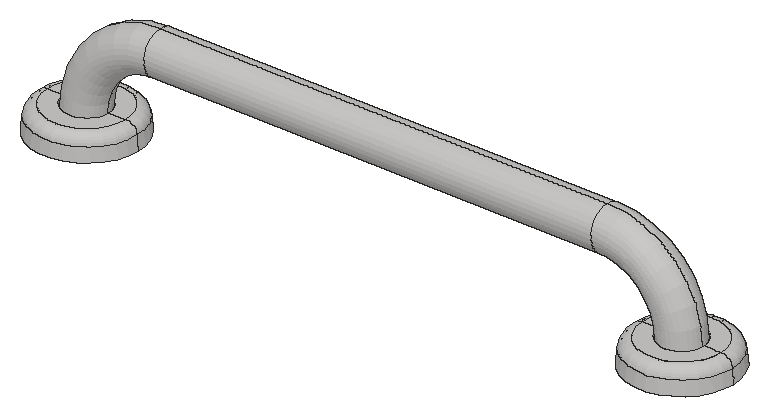
Revit family "84745040 virtu comfort grab rail 450mm", category Plumbing Fixtures, host Face, Revit 2015
Parameters (values of type "Virtu Comfort Grab Rail 450mm")
  Waste Connection = no
  Vent Connection = no
  URL = "https://www.caroma.com.au/"
  Rail_Width = 450 mm
  Rail_Height = 73 mm
  Model = "84745040"
  Material_Base = GWA_Metal-Stainless
  Manufacturer = "GWA Bathrooms & Kitchens"  # constant formula
  HW Connection = no
  Description = "Virtu Comfort Grab Rail 450mm"
  Default Elevation = 0 mm
  CreatedBy_ANZRS = "GWA Bathrooms & Kitchens"  # constant formula
  CW Connection = no
  Assembly Code = "C1030200"
Reference planes
  plane 1 "Center (Front/Back)": y = 0
  plane 2: z = 0
  plane 3 "Center (Left/Right)": x = 0
  plane 4 "Left": x = -225
  plane 5 "Right": x = 225
  plane 6 "Rail_Centre": z = 73
Forms (mm)
  Revolve 1, solid, material "GWA_Metal-Stainless" <- "Material_Base"
    sketch origin (0, 0, 0) x (1, 0, 0) y (0, 0, 1)
      loop
        line (-242, 16.9) -> (-242, 18) -> (-254.753, 18)
        arc (-254.753, 18) -> (-260.44, 15.817) -> (-263.206, 10.39) r 8.5
        line (-263.206, 10.39) -> (-264.3, 0) -> (-263.194, 0) -> (-262.112, 10.275)
        arc (-262.112, 10.275) -> (-259.704, 15) -> (-254.753, 16.9) r 7.4
        line (-254.753, 16.9) -> (-242, 16.9)
      axis (-225, 18) -> (-225, 0)
    angle from 0 to 360
  Revolve 2, solid, material "GWA_Metal-Stainless" <- "Material_Base"
    sketch origin (300, 0, 0) x (1, 0, 0) y (0, 0, 1)
      loop
        line (-92, 16.9) -> (-92, 18) -> (-104.753, 18)
        arc (-104.753, 18) -> (-110.44, 15.817) -> (-113.206, 10.39) r 8.5
        line (-113.206, 10.39) -> (-114.3, 0) -> (-113.194, 0) -> (-112.112, 10.275)
        arc (-112.112, 10.275) -> (-109.704, 15) -> (-104.753, 16.9) r 7.4
        line (-104.753, 16.9) -> (-92, 16.9)
      axis (-75, 18) -> (-75, 0)
    angle from 0 to 360
  Sweep 3, solid, material "GWA_Metal-Stainless" <- "Material_Base"
    path origin (0, 0, 0) x (1, 0, 0) y (0, 0, 1)
      loop
        line (-225, 0) -> (-225, 17)
        arc (-225, 17) -> (-208.598, 56.598) -> (-169, 73) r 56
        line (-169, 73) -> (169, 73)
        arc (169, 73) -> (208.598, 56.598) -> (225, 17) r 56
        line (225, 17) -> (225, 0)
    profile origin (-225, 0, 8.5) x (-1, 0, 0) y (0, -1, 0)
      loop
        circle (0, 0) r 16
Lines and regions (mm)
  Masking region 1
    outline origin (0, 0, 40) x (-1, 0, 0) y (0, -1, 0)
      loop
        arc (189.104, -16) -> (264.3, 0) -> (189.104, 16) r 39.3
        line (189.104, 16) -> (-189.104, 16)
        arc (-189.104, 16) -> (-264.3, 0) -> (-189.104, -16) r 39.3
        line (-189.104, -16) -> (189.104, -16)
  Masking region 2
    outline origin (0, 0, 0) x (1, 0, 0) y (0, 0, 1)
      loop
        line (-264.3, 0) -> (-185.7, 0) -> (-186.792, 10.388)
        arc (-186.792, 10.388) -> (-189.558, 15.817) -> (-195.245, 18) r 8.5
        line (-195.245, 18) -> (-208.987, 18)
        arc (-208.987, 18) -> (-196.928, 45.636) -> (-169, 57) r 40
        line (-169, 57) -> (169, 57)
        arc (169, 57) -> (196.928, 45.636) -> (208.987, 18) r 40
        line (208.987, 18) -> (195.245, 18)
        arc (195.245, 18) -> (189.558, 15.817) -> (186.792, 10.388) r 8.5
        line (186.792, 10.388) -> (185.7, 0) -> (264.3, 0) -> (263.208, 10.388)
        arc (263.208, 10.388) -> (260.442, 15.817) -> (254.755, 18) r 8.5
        line (254.755, 18) -> (240.993, 18)
        arc (240.993, 18) -> (219.557, 68.264) -> (169, 89) r 72
        line (169, 89) -> (-169, 89)
        arc (-169, 89) -> (-219.557, 68.264) -> (-240.993, 18) r 72
        line (-240.993, 18) -> (-254.755, 18)
        arc (-254.755, 18) -> (-260.442, 15.817) -> (-263.208, 10.388) r 8.5
        line (-263.208, 10.388) -> (-264.3, 0)
  Masking region 3
    outline origin (0, 0, 0) x (0, 1, 0) y (0, 0, 1)
      loop
        line (-39.3, 0) -> (39.3, 0) -> (38.208, 10.388)
        arc (38.208, 10.388) -> (35.442, 15.817) -> (29.755, 18) r 8.5
        line (29.755, 18) -> (16, 18) -> (16, 73)
        arc (16, 73) -> (0, 89) -> (-16, 73) r 16
        line (-16, 73) -> (-16, 18) -> (-29.755, 18)
        arc (-29.755, 18) -> (-35.442, 15.817) -> (-38.208, 10.388) r 8.5
        line (-38.208, 10.388) -> (-39.3, 0)
  symbolic lines
    curve 1: arc (-242, 0, 40) -> (-234.758, 13.92, 40) -> (-219.203, 15.981, 40) r 17
    curve 2: arc (-219.203, -15.981, 40) -> (-234.758, -13.92, 40) -> (-242, 0, 40) r 17
    curve 3: arc (-189.104, 16, 40) -> (-264.3, 0, 40) -> (-189.104, -16, 40) r 39.3
    curve 4: arc (219.255, 16, 40) -> (242, 0, 40) -> (219.255, -16, 40) r 17
    curve 5: line (225, 16, 40) -> (189.104, 16, 40)
    curve 6: line (225, -16, 40) -> (189.104, -16, 40)
    curve 7: arc (225, 16, 40) -> (241, 0, 40) -> (225, -16, 40) r 16
    curve 8: arc (-225, -16, 40) -> (-241, 0, 40) -> (-225, 16, 40) r 16
    curve 9: arc (-219.203, 15.981, 40) -> (-242, 0, 40) -> (-219.203, -15.981, 40) r 17
    curve 10: line (-225, 16, 40) -> (-189.104, 16, 40)
    curve 11: line (-240.993, 0, 18) -> (-208.987, 0, 18)
    curve 12: line (208.987, 0, 18) -> (240.993, 0, 18)
    curve 13: line (0, -16, 18) -> (0, 16, 18)
    curve 14: line (-189.104, -16, 40) -> (-225, -16, 40)
Dimensions and locks
  "Rail_Width": plane 4 "Left" to plane 5 "Right"
  equal spacing: plane 4 "Left", plane 3 "Center (Left/Right)", plane 5 "Right"
  "Rail_Height": plane 6 "Rail_Centre" to host face
  aligned and locked: plane 2 to host face
  aligned and locked: level to host face
Automatic sketch dimensions
  host sketch curve to host sketch curve = 2438.4 mm  (x2)
  Revolve 1 sketch curve to Revolve 1 sketch curve = 0 mm  (x2)
  Revolve 1 sketch curve to level = 0 mm
  Revolve 1 sketch curve to plane 4 "Left" = 0 mm
  Revolve 1 sketch curve to plane 4 "Left" = 17 mm
  Revolve 1 sketch curve to Revolve 1 sketch curve = 12.753 mm
  level to Revolve 1 sketch curve = 10.275 mm
  Revolve 1 sketch curve to Revolve 1 sketch curve = 7.359 mm
  Revolve 1 sketch curve to Revolve 1 sketch curve = 1.082 mm
  level to Revolve 1 sketch curve = 10.39 mm
  Revolve 1 sketch curve to Revolve 1 sketch curve = 1.094 mm
  Revolve 1 sketch curve to Revolve 1 sketch curve = 1.106 mm
  Revolve 1 sketch curve to Revolve 1 sketch curve = 0.775 mm
  level to Revolve 1 sketch curve = 7.862 mm
  Revolve 1 sketch curve to Revolve 1 sketch curve = 12.173 mm
  Revolve 2 sketch curve to Revolve 2 sketch curve = 0 mm  (x2)
  Revolve 2 sketch curve to level = 0 mm
  Revolve 2 sketch curve to plane 5 "Right" = 0 mm
  Revolve 2 sketch curve to plane 5 "Right" = 17 mm
  Revolve 2 sketch curve to Revolve 2 sketch curve = 12.753 mm
  level to Revolve 2 sketch curve = 10.275 mm
  Revolve 2 sketch curve to Revolve 2 sketch curve = 7.359 mm
  Revolve 2 sketch curve to Revolve 2 sketch curve = 1.082 mm
  level to Revolve 2 sketch curve = 10.39 mm
  Revolve 2 sketch curve to Revolve 2 sketch curve = 1.094 mm
  Revolve 2 sketch curve to Revolve 2 sketch curve = 1.106 mm
  Revolve 2 sketch curve to Revolve 2 sketch curve = 0.775 mm
  level to Revolve 2 sketch curve = 7.862 mm
  Revolve 2 sketch curve to Revolve 2 sketch curve = 12.173 mm
  Sweep 3 sketch curve to plane 4 "Left" = 0 mm
  Sweep 3 sketch curve to plane 6 "Rail_Centre" = 0 mm
  Sweep 3 sketch curve to plane 5 "Right" = 0 mm
  Sweep 3 sketch curve to level = 0 mm  (x2)
  plane 4 "Left" to Sweep 3 sketch curve = 56 mm
  level to Sweep 3 sketch curve = 17 mm
  plane 1 "Center (Front/Back)" to Sweep 3 sketch curve = 0 mm
  Sweep 3 sketch curve to profile plane = 0 mm
  Masking region 1 sketch curve to plane 5 "Right" = 0 mm
  Masking region 1 sketch curve to plane 5 "Right" = 35.896 mm
  Masking region 1 sketch curve to plane 1 "Center (Front/Back)" = 16 mm
  plane 4 "Left" to Masking region 1 sketch curve = 35.896 mm
  Masking region 1 sketch curve to Masking region 1 sketch curve = 0 mm
  plane 1 "Center (Front/Back)" to Masking region 1 sketch curve = 0 mm  (x2)
  Masking region 1 sketch curve to plane 4 "Left" = 0 mm
  Masking region 2 sketch curve to Masking region 2 sketch curve = 0 mm  (x4)
  Masking region 2 sketch curve to level = 0 mm  (x2)
  Masking region 2 sketch curve to plane 4 "Left" = 39.3 mm
  level to Masking region 2 sketch curve = 10.388 mm  (x4)
  Masking region 2 sketch curve to Masking region 2 sketch curve = 1.092 mm  (x4)
  Masking region 2 sketch curve to Masking region 2 sketch curve = 8.453 mm  (x4)
  Masking region 2 sketch curve to plane 4 "Left" = 15.993 mm
  level to Masking region 2 sketch curve = 9.5 mm  (x2)
  Masking region 2 sketch curve to plane 6 "Rail_Centre" = 16 mm
  plane 5 "Right" to Masking region 2 sketch curve = 15.993 mm
  plane 5 "Right" to Masking region 2 sketch curve = 29.755 mm
  plane 4 "Left" to Masking region 2 sketch curve = 16.013 mm
  Masking region 2 sketch curve to Masking region 2 sketch curve = 0.888 mm  (x2)
  plane 6 "Rail_Centre" to Masking region 2 sketch curve = 16 mm
  Masking region 2 sketch curve to Masking region 2 sketch curve = 16.7 mm
  Masking region 2 sketch curve to Masking region 2 sketch curve = 13.742 mm  (x2)
  curve 11 to plane 4 "Left" = 15.993 mm
  level to curve 11 = 18 mm
  plane 4 "Left" to curve 11 = 16.013 mm
  curve 12 to plane 5 "Right" = 16.013 mm
  plane 5 "Right" to curve 12 = 15.993 mm
  level to curve 12 = 18 mm
  Masking region 3 sketch curve to level = 0 mm
  Masking region 3 sketch curve to plane 1 "Center (Front/Back)" = 0 mm
  plane 1 "Center (Front/Back)" to Masking region 3 sketch curve = 16 mm
  Masking region 3 sketch curve to Masking region 3 sketch curve = 13.755 mm
  level to Masking region 3 sketch curve = 10.388 mm  (x2)
  Masking region 3 sketch curve to Masking region 3 sketch curve = 8.453 mm  (x2)
  Masking region 3 sketch curve to Masking region 3 sketch curve = 1.092 mm  (x2)
  level to Masking region 3 sketch curve = 9.5 mm
  Masking region 3 sketch curve to plane 1 "Center (Front/Back)" = 29.755 mm
  Masking region 3 sketch curve to Masking region 3 sketch curve = 55 mm
  Masking region 3 sketch curve to plane 6 "Rail_Centre" = 0 mm
  plane 1 "Center (Front/Back)" to curve 13 = 16 mm
  level to curve 13 = 18 mm
  curve 13 to plane 1 "Center (Front/Back)" = 16 mm
  curve 1 to curve 2 = 0 mm
  curve 1 to curve 3 = 0 mm  (x2)
  curve 1 to curve 8 = 0 mm  (x2)
  curve 1 to curve 9 = 0 mm
  curve 4 to curve 7 = 0 mm  (x2)
  curve 6 to plane 5 "Right" = 0 mm
  plane 1 "Center (Front/Back)" to curve 8 = 0 mm
  curve 14 to plane 4 "Left" = 0 mm
  plane 1 "Center (Front/Back)" to curve 4 = 0 mm
  curve 10 to plane 1 "Center (Front/Back)" = 16 mm
  curve 5 to plane 1 "Center (Front/Back)" = 16 mm
  curve 5 to curve 4 = 5.745 mm
  curve 4 to curve 6 = 30.151 mm
  curve 4 to curve 5 = 30.151 mm
  curve 14 to curve 10 = 0 mm
  plane 4 "Left" to curve 9 = 5.797 mm  (x2)
  curve 1 to curve 1 = 17 mm
  radius of Sweep 3 sketch curve = 16 mm
